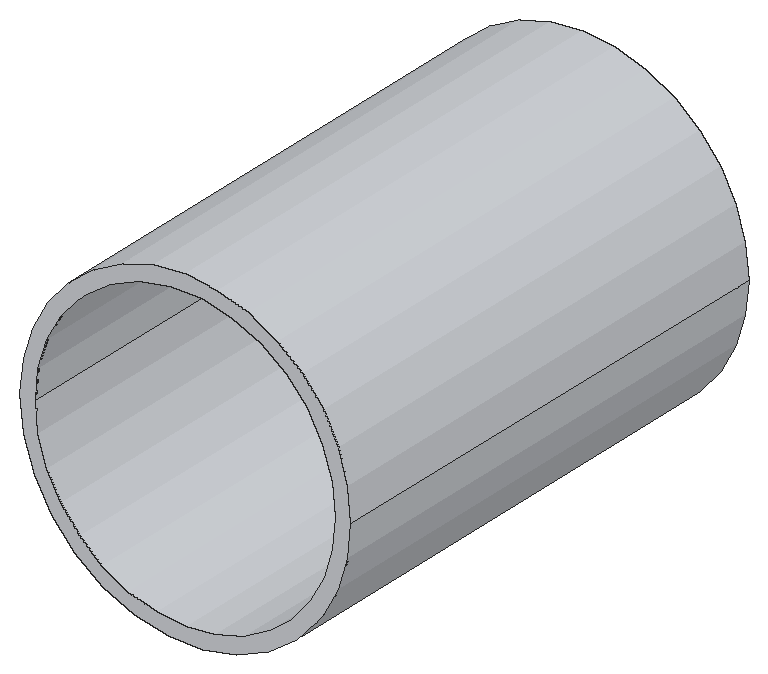
Revit family "SC1G", category Generic Models, Revit 2017
Family settings
  Can host rebar = No
  Round Connector Dimension = Use Diameter
  Part Type = Normal
  Work Plane-Based = Yes
  Always vertical = No
  Cut with Voids When Loaded = No
  Shared = No
  Room Calculation Point = No
Parameters (values of type "NBS Standard Parameters")
  Weight = "0.0247Kg"
  WarrantyStartDate [instance] = "1900-12-31T23:59:59"
  WarrantyGuarantorParts = "n/a"
  WarrantyGuarantorLabor = "n/a"
  WarrantyDurationUnit = "1 year"
  WarrantyDurationParts = "n/a"
  WarrantyDurationLabor = "n/a"
  WarrantyDescription = "n/a"
  Version = "1"
  Uniclass2 = "Pr_65_70_11_20"
  TagNumber [instance] = "n/a"
  SustainabilityPerformance = "n/a"
  Size = "20mm"
  Shape = "Circular"
  SerialNumber [instance] = "n/a"
  Revision = "n/a"
  ReplacementCost = "n/a"
  ProductInformation = "www.metpro.co.uk/pdf/sc1g.pdf"
  NominalWidth = 22 mm
  NominalLength = 22 mm
  NominalHeight = 33 mm
  Name = ""
  NBSTypeID = ""
  NBSReference = "90-55-10/460"
  NBSOfficeMasterTag = ""
  NBSNote = ""
  NBSDescription = "Conduit Fittings"
  NBSCertification = ""
  ModelReference = "SC1G"
  ModelNumber = "n/a"
  Material = "Steel"
  ManufacturerURL = "www.metpro.co..uk"
  ManufacturerName = "Metpro Ltd"
  InstallationDate [instance] = "1900-12-31T23:59:59"
  IfcExportType = ""
  IfcExportAs = ""
  Grade = "n/a"
  Finish = "Galvanised"
  Features = "n/a"
  ExpectedLife = "n/a"
  DurationUnit = "year"
  Description = "SC1G - 20mm Conduit Solid Coupler"
  Default Elevation = 1219.2 mm
  Constituents = "n/a"
  Color = "n/a"
  CodePerformance = "n/a"
  Category = "n/a"
  BarCode [instance] = "n/a"
  BIMObjectName = "Metpro_metprolibrary_conduitfittings_metalcomponents_steelaccessories"
  Author = "Metpro Ltd"
  AssetType = ""
  AssetIdentifier [instance] = "n/a"
  AccessibilityPerformance = "n/a"
Reference planes
  plane 1 "Center (Front/Back)": y = 0
  plane 2: z = 0
  plane 3 "Center (Left/Right)": x = 0
Forms (mm)
  Extrusion 1, solid
    sketch origin (221, -7.414, 25.952) x (-1, 0, 0) y (0, 0, 1)
      loop
        circle (210, 20) r 10
      loop
        circle (210, 20) r 11
    from 0 to 33
Dimensions and locks
  aligned and locked: level to plane 2
